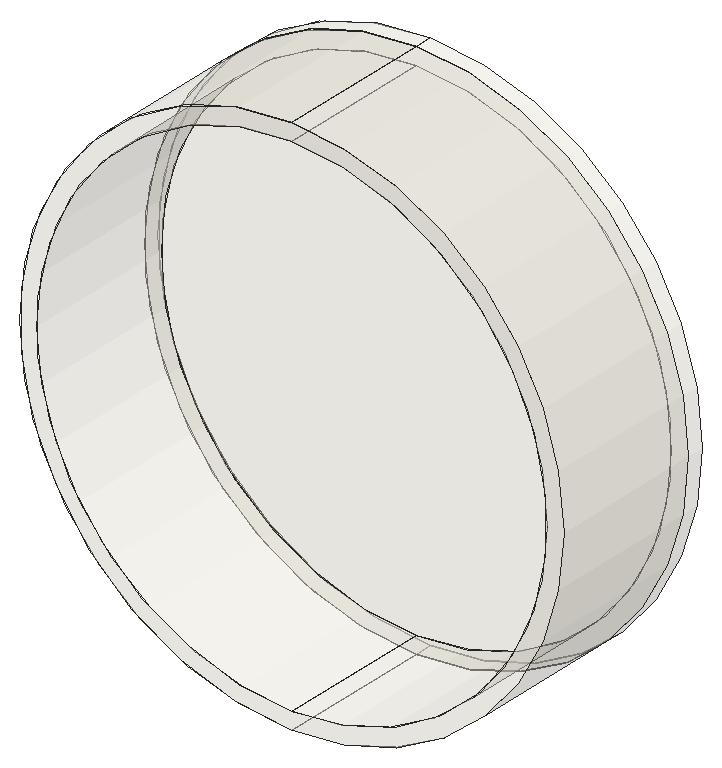
Revit family
Parameters (values of type "100 watt Incandescent")
  Wattage = 12.1178 W
  built-in parameter 1150110 = 1 (stored number, unit not read)
  built-in parameter 1114217 = 1 (stored number, unit not read)
  built-in parameter 1150109 = 1 (stored number, unit not read)
  built-in parameter 1150134 = 3
  built-in parameter 1150113 = 1 (stored number, unit not read)
  built-in parameter 1150105 = 143.24 (stored number, unit not read)
  built-in parameter 1150115 = 1 (stored number, unit not read)
  Light Source Symbol Size = 609.6 mm
  built-in parameter 1150137 = (empty or 0)
  built-in parameter 1150139 = (empty or 0)
  built-in parameter 1150112 = 1 (stored number, unit not read)
  built-in parameter 1150114 = 1 (stored number, unit not read)
  Lamp = "A-21"
  Material Light Casing = Glass - Frosted
  Lumens = 1800 lm
  Mounting Height = 1900 mm
  Radius = 200 mm
  Wattage Comments = "100"
  Keynote = "V"
  built-in parameter 1150132 = 2
  built-in parameter 1150102 = (empty or 0)
  built-in parameter 1150107 = 3200 (stored number, unit not read)
  built-in parameter 1150138 = (empty or 0)
  built-in parameter 1150106 = 1.4324 (stored number, unit not read)
  built-in parameter 1150104 = 13.8 (stored number, unit not read)
  Dimming Lamp Color Temperature Shift = (empty or 0)
  Color Filter = 16777215
  built-in parameter 1114218 = 1 (stored number, unit not read)
  built-in parameter 1150133 = 10 (stored number, unit not read)
Types (3, lengths in mm): name | Wattage | built-in parameter 1150105 | Lamp | Lumens | Wattage Comments | built-in parameter 1150106
  (no name) | 12.1178 W | 143.24 (stored number, unit not read) | "A-21" | 1800 lm | "100" | 1.4324 (stored number, unit not read)
  100 watt Incandescent | 12.1178 W | 143.24 (stored number, unit not read) | "A-21" | 1800 lm | "100" | 1.4324 (stored number, unit not read)
  60 watt Incandescent | 7.27067 W | 85.944 (stored number, unit not read) | "A-19" | 1080 lm | "60" | 0.85944 (stored number, unit not read)
Reference planes
  plane 1: y = 0
  plane 2 "Light Source Axis": x = 0
  plane 3 "Light Source Elevation": z = 1900
  plane 4 "Light Source Axis": y = 139.7
  plane 5: x = -200
  plane 6: x = 200
  plane 7: y = 76.2
Forms (mm)
  Extrusion 1, solid, material "Glass - Frosted" <- "Material Light Casing"
    sketch origin (-1524, 76.2, 0) x (-1, 0, 0) y (0, 0, 1)
      loop
        circle (-1524, 1900) r 200
      loop
        circle (-1524, 1900) r 187.518
    from 0 to 114.3
  Extrusion 2, solid, material "Glass - Frosted" <- "Material Light Casing"
    sketch origin (-1524, 190.5, 0) x (-1, 0, 0) y (0, 0, 1)
      loop
        circle (-1524, 1900) r 200
    from 0 to 12.7
Lines and regions (mm)
  symbolic lines
    curve 1: line (-198.518, 203.2, 0) -> (200, 203.2, 0)
    curve 2: line (-198.518, 76.2, 0) -> (-198.518, 203.2, 0)
    curve 3: line (200, 76.2, 0) -> (-198.518, 76.2, 0)
    curve 4: line (200, 203.2, 0) -> (200, 76.2, 0)
  model lines, style "InvisibleLines"
    curve 5: line (0, 76.2, 1696.8) -> (0, 76.2, 0)
Text (mm)
  text "Front" at (0, 1019.848, 3124.603), in view "Right"
  text "Front" at (-659.482, 723.012, 0), in view "Floor Line"
  text "Front" at (0, 928.088, 2345.249), in view "Left"
Dimensions and locks
  host wall to plane 4 "Light Source Axis" = 63.5 mm
  "Radius": Extrusion 1 sketch curve to Extrusion 1 sketch curve
  "Mounting Height": level to plane 3 "Light Source Elevation"
  "Radius": Extrusion 2 sketch curve to Extrusion 2 sketch curve
  "Radius": plane 2 "Light Source Axis" to plane 6
  equal spacing: plane 5, plane 2 "Light Source Axis", plane 6
  locked: host wall to plane 4 "Light Source Axis" at 63.5
  aligned and locked: plane 7 to host wall
  aligned and locked: plane 2 "Light Source Axis" to imposter light
  aligned and locked: plane 4 "Light Source Axis" to imposter light
  aligned and locked: plane 3 "Light Source Elevation" to imposter light
Automatic sketch dimensions
  Extrusion 1 sketch curve to plane 2 "Light Source Axis" = 0 mm  (x2)
  Extrusion 1 sketch curve to plane 3 "Light Source Elevation" = 0 mm  (x3)
  Extrusion 1 sketch curve to Extrusion 1 sketch curve = 12.482 mm
  Extrusion 2 sketch curve to plane 2 "Light Source Axis" = 0 mm
  Extrusion 2 sketch curve to plane 3 "Light Source Elevation" = 0 mm
  curve 3 to plane 7 = 0 mm
  curve 3 to plane 6 = 0 mm
  plane 5 to curve 1 = 1.482 mm
  curve 2 to curve 2 = 127 mm
  curve 5 to plane 2 "Light Source Axis" = 0 mm
  curve 5 to level = 0 mm
  plane 3 "Light Source Elevation" to curve 5 = 203.2 mm
